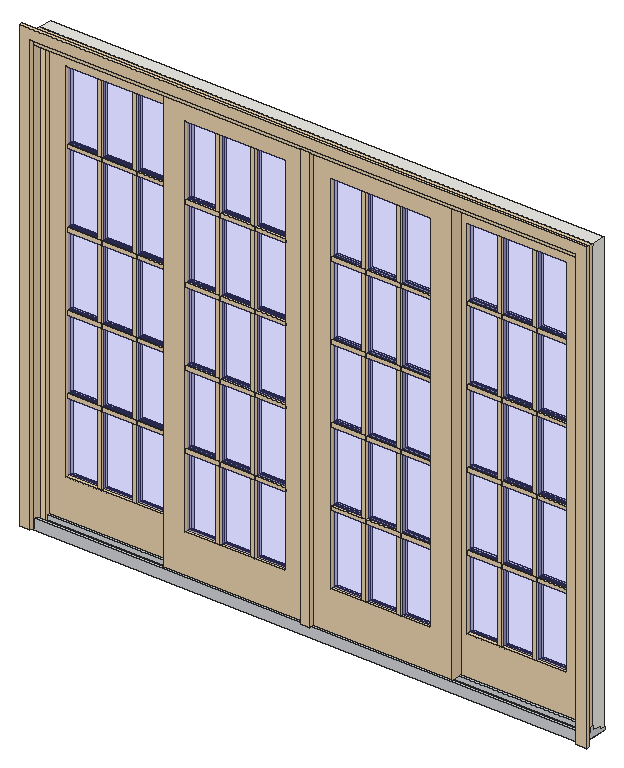
Revit family "Door-Gliding-Andersen-A_Series-Quad 4", category Doors, host Wall, Revit 2013
Parameters
  Type Comments = "Fiberglass-Clad and Flexacron Finished Wood Gliding Patio Door"  # constant formula
  Rough Width = Width + (Rough Opening Offset * 2)  # 10' - 1"
  Rough Opening Offset = 0' - 0 1/2"
  Rough Height = if(1 > 0, Height + 0' 0 1/2", 0' 0")  # 8' - 0 1/2"
  Masonry Width = if(Enter Exterior Trim Number > 0, Width + ((casing4 + Masonry Opening Offset) * 2), Width + (Masonry Opening Offset * 2))  # 10' - 1"
  Masonry Opening Offset = 0' - 0 1/2"
  Masonry Height = if(Enter Exterior Trim Number > 0, Height + (casing4 + 0' 0 1/2"), Height + 0' 0 1/2")  # 8' - 0 1/2"
  Learn About These Parameters = "http://www.andersenwindows.com/for-professionals/cad-symbols-bim-support-window-doors/bim-support"
  Interior Grille Bar Visibility = yes
  Grille Bar Sizes = "3/4'', 7/8'', 1 1/8'', 2 1/4''"  # constant formula
  Exterior Grille Bar Visibility = yes
  Between Glass Grille Bar Sizes = "3/4'', 1''"  # constant formula
  Interior Trim Visibility = yes
  Grille Bar Size = 0' - 0 7/8"
  Enter Pattern Number = 1
  Analytic Construction = "<None>"
  ..Pattern Number 1 = "Colonial"  # constant formula
  . . Lights Wide = 3
  . . Lights High = 5
  ..Pattern Number 2 = "Modified Colonial"  # constant formula
  ..Pattern Number 3 = "Prairie"  # constant formula
  ..Pattern Number 4 = "Short Fractional"  # constant formula
  ..Pattern Number 5 = "Tall Fractional"  # constant formula
  Extension Jamb Visibility = yes
  Enter Exterior Trim Number = 0
  ..Exterior Trim Number 0 = "No Exterior Trim"  # constant formula
  ..Exterior Trim  Number 1 = "Brick Mould"  # constant formula
  ..Exterior Trim Number 2 = "3 1/2'' Flat Casing"  # constant formula
  ..Exterior Trim  Number 3 = "4 1/2'' Flat Casing"  # constant formula
  Between Glass Grille Bar Visibility = yes
  xjamb Visibility [instance] = and(Extension Jamb Visibility, Wall Depth > 0' 4 9/16")  # no
  xjamb S1 [instance] = if(Wall Depth < 0' 4 5/8", 0' 0 1/16", 0' 0")  # 0' - 0 1/16"
  casingS2 = if(Enter Exterior Trim Number = 1, 0' 0 3/16", 0' 0 3/16")  # 0' - 0 3/16"
  casingS1 = if(Enter Exterior Trim Number = 1, 0' 0 7/16", 0' 0 3/16")  # 0' - 0 3/16"
  casing4 = if(Enter Exterior Trim Number = 1, 0' 1 3/4", if(Enter Exterior Trim Number = 2, 0' 3 1/4", 0' 4 1/4"))  # 0' - 4 1/4"
  casing3 = 0' - 0 1/2"  # constant formula
  casing2 = 0' - 0 7/8"  # constant formula
  casing1 = 0' - 0 1/4"  # constant formula
  Wall Thickness [instance] = 0' - 8"
  Wall Depth [instance] = 0' - 4 9/16"
  Void Offset 1 [instance] = if(Enter Exterior Trim Number > 0, casing4, 0' 0")  # 0' - 0"
  Void Depth [instance] = if(Wall Thickness > Wall Depth, 0' 1" + Wall Thickness - Wall Depth, 0' 1")  # 0' - 4 7/16"
  VGB DLO = if(Enter Pattern Number = 3, 0' 4", (H DLO - (Grille Bar Size * (V Bars))) / if(LWide > 2, LWide, 3))  # 0' - 6.70833"
  V Bars = if(Enter Pattern Number = 3, 2, if(LWide > 2, LWide - 1, 2))  # 2
  URL = "www.andersenwindows.com"
  TS V DLO = Height - HGO - SGO  # 6' - 7 7/8"
  TS V Bar Length = if(or(Enter Pattern Number = 5, Enter Pattern Number = 2), ((((Height - HGO - SGO - (Grille Bar Size * (Fractional Lights High - 1))) / Fractional Lights High)) * TFL) + (TFB * Grille Bar Size), if(Enter Pattern Number = 4, ((Height - HGO - SGO - (Grille Bar Size * (Fractional Lights High - 1))) / Fractional Lights High), Height - HGO - SGO))  # 6' - 7 7/8"
  TS SH DLO = if(or(Enter Pattern Number = 5, Enter Pattern Number = 2), ((((Height - HGO - SGO - (Grille Bar Size * (Fractional Lights High - 1))) / Fractional Lights High)) * TFL) + (TFB * Grille Bar Size) + HGO + (Grille Bar Size / 2), if(Enter Pattern Number = 4, TS V Bar Length + HGO + (Grille Bar Size / 2), (TS V DLO / 2) + HGO))  # 3' - 9 1/2"
  TS S V = or(and(LWide = 2, Enter Pattern Number = 1), and(Fractional Lights Wide = 2, or(or(Enter Pattern Number = 2, Enter Pattern Number = 4), Enter Pattern Number = 5)))  # no
  TS S H Craftsman = and(Enter Pattern Number = 2, or(Fractional Lights High = 4, Fractional Lights High = 5))  # no
  TS S H = or(or(or(and(. . Lights High = 2, Enter Pattern Number = 1), and(Enter Pattern Number = 4, Fractional Lights High > 1)), and(Enter Pattern Number = 5, Fractional Lights High > 1)), and(Enter Pattern Number = 2, Fractional Lights High > 1))  # no
  TS M V = and(Enter Pattern Number > 0, LWide > 2)  # yes
  TS M H = or(or(Enter Pattern Number = 3, and(. . Lights High > 2, Enter Pattern Number = 1)), and(Enter Pattern Number = 2, Fractional Lights High > 5))  # yes
  TS HGB DLO = if(Enter Pattern Number = 1, if(. . Lights High > 2, ((TS V Bar Length - (Grille Bar Size * (. . Lights High - 1))) / . . Lights High), 0' 4"), if(Enter Pattern Number = 3, 0' 4", if(Fractional Lights High > 2, ((TS V Bar Length - (Grille Bar Size * 2)) / 3), 0' 4")))  # 1' - 3.275"
  TS H Bars = if(Enter Pattern Number = 3, 2, if(Enter Pattern Number = 1, if(. . Lights High > 2, . . Lights High - 1, 2), 2))  # 4
  TFL = if(Fractional Lights High > 5, 3, if(or(Fractional Lights High = 4, Fractional Lights High = 5), 2, if(or(Fractional Lights High = 2, Fractional Lights High = 3), 1, 1)))  # 2
  TFB = TFL - 1  # 1
  Sill Interior Offset [instance] = 0' - 0"  # constant formula
  Sill Height [instance] = 0' - 2 3/16"  # constant formula
  Panel Bottom Inset [instance] = 0' - 2 5/32"  # constant formula
  Sill Depth [instance] = 0' - 5 1/2"  # constant formula
  SGO = 0' - 10 9/16"  # constant formula
  Product Documentation Link = "http://www.andersenwindows.com/products/a-series-gliding-patio-door/"
  Panel Width = ((Width / 4) - 0' 1 3/4") + 0' 3 1/2"  # 2' - 7 3/4"
  Panel Height [instance] = (CTRL Height - 0' 0 1/2" - Panel Bottom Inset) - 0' 0 15/32"  # 7' - 8 7/8"
  Nail Fin Visibility = Enter Exterior Trim Number = 0  # yes
  Model = "A-Series Gliding"  # constant formula
  Manufacturer = "Andersen Corporation"  # constant formula
  LWide = if(Enter Pattern Number = 3, 3, if(Enter Pattern Number = 1, . . Lights Wide, Fractional Lights Wide))  # 3
  JGO = 0' - 5 5/8"  # constant formula
  Is Gliding = 1 = 1  # yes
  Interior Trim Size = 0' - 2 1/4"
  Interior Material = Wood - Andersen - Pine
  Horizontal Craftsman Bar Size = 0' - 0 3/4"
  HGO = 0' - 5 9/16"  # constant formula
  H DLO = (Width - 2' 8 1/2") / 4  # 1' - 9 7/8"
  Glazing Material = Glass ‐ Andersen - Low-E4 SmartSun
  Function = Exterior
  Height = 8' - 0"
  Wall Closure = By host
  Width = 10' - 0"
  Frame Interior Inset [instance] = 0' - 0"  # constant formula
  Frame Depth [instance] = 0' - 5 7/8"  # constant formula
  Fractional Lights Wide = 3
  Fractional Lights High = 5
  Family Version = "01.01.15"  # constant formula
  Exterior Unit Finish = Fiberglass - Andersen - White
  Exterior Trim Finish = Fibrex Composite - Andersen - White
  Designation = "FWGD"
  Description = "Fiberglass-Clad and Flexacron Finished Wood Gliding Patio Door"  # constant formula
  Coarse Plan [instance] = if(Wall Depth > Wall Thickness, Wall Thickness, Wall Depth)  # 0' - 4 9/16"
  Casing Visibility [instance] = Enter Exterior Trim Number > 0  # no
  CTRL Height [instance] = Height  # 8' - 0"
  Between Glass Grille Bar Finish = Stainless Steel - Andersen - Standard
  BS V DLO = Height - HGO - SGO  # 6' - 7 7/8"
  BS SH DLO = if(Enter Pattern Number = 5, SGO + 0' 4" + (Grille Bar Size / 2), (BS V DLO / 2) + SGO)  # 4' - 2 1/2"
  BS S V = and(LWide = 2, Enter Pattern Number = 1)  # no
  BS S H = no
  BS M V = or(or(and(LWide > 2, Enter Pattern Number = 1), Enter Pattern Number = 3), Enter Pattern Number = 5)  # yes
  BS M H = no
  BS HGB DLO = 0' - 2"
  BS H Bars = 2
Reference planes (in)
  plane 1 "Center (Front/Back)": y = 0
  plane 2 "Center (Left/Right)": x = 0
  plane 3 "R Frame": x = -60
  plane 4 "L Frame": x = 60
  plane 5 "T Frame": z = 96
  plane 6 "Wall S1": y = 3.71875
  plane 7 "Wall S2": y = -4.28125
  plane 8 "Interior Casing": y = -4.90625
  plane 9 "Frame S2": y = -4.28175
  plane 10 "Flange": y = 0.28125
  plane 11 "Frame S1": y = 1.59325
  plane 12 "Casing S2": y = 1.78075
  plane 13 "Casing S1": y = 1.78075
  plane 14 "Exterior Offset": y = 4.71875
  plane 15 "R Rough Opening": x = -60.5
  plane 16 "R Casing 1": x = -59.75
  plane 17 "R Casing 2": x = -63.375
  plane 18 "R Casing 3": x = -63.75
  plane 19 "R Casing 4": x = -64.25
  plane 20 "R Masonry Opening": x = -60.5
  plane 21 "L Masonry Opening": x = 60.5
  plane 22 "L Casing 4": x = 64.25
  plane 23 "L Casing 3": x = 63.75
  plane 24 "L Casing 2": x = 63.375
  plane 25 "L Casing 1": x = 59.75
  plane 26 "L Rough Opening": x = 60.5
  plane 27 "T Rough Opening": z = 96.5
  plane 28 "T Casing 1": z = 95.75
  plane 29 "T Casing 2": z = 99.375
  plane 30 "T Casing 3": z = 99.75
  plane 31 "T Casing 4": z = 100.25
  plane 32 "T Masonry Opening": z = 96.5
  plane 33 "R Int Casing": x = -61.5
  plane 34 "R Xjamb 2": x = -59.875
  plane 35 "R Xjamb 1": x = -59.25
  plane 36 "L Int Casing": x = 61.5
  plane 37 "L Xjamb 2": x = 59.875
  plane 38 "L Xjamb 1": x = 59.25
  plane 39 "T Int Casing": z = 97.5
  plane 40 "T Xjamb 2": z = 95.875
  plane 41 "T Xjamb 1": z = 95.25
  plane 42 "L Panel1": x = 58.8125
  plane 43 "R Panel1": x = -58.8125
  plane 44 "T Panel": z = 94.82831
  plane 45 "B Panel": z = 1.96875
  plane 46 "B Glazing": z = 10.5625
  plane 47 "T Glazing": z = 90.4375
  plane 48 "L Glazing1": x = 54.375
  plane 49 "R Glazing1": x = -54.375
  plane 50 "Panel2 S1": y = -1.88675
  plane 51 "Panel2 S2": y = -3.60675
  plane 52 "Xjamb S1": y = -4.21925
  plane 53 "Stop Exterior": y = -1.7394
  plane 54 "Stop Interior": y = -2.12544
  plane 55 "L Int Stop": x = 58.031
  plane 56 "R Int Stop": x = -58.031
  plane 57 "T Stop": z = 94.256
  plane 58 "Sill Height": z = 2.1875
  plane 59 "Panel1 S1": y = 0.44725
  plane 60 "Panel1 S2": y = -1.27275
  plane 61 "R Glazing3": x = -26.75
  plane 62 "L Glazing3": x = 26.75
  plane 63 "R Glazing2": x = -32.5
  plane 64 "L Glazing2": x = 32.5
  plane 65 "Panel2 Glazing 4": y = -3.06684
  plane 66 "Panel2 Glazing 1": y = -2.30075
  plane 67 "Panel1 Glazing 4": y = -0.73284
  plane 68 "Panel 1 Glazing 1": y = 0.03325
  plane 69 "Panel Elevation Center": z = 48.39853
  plane 70 "Vertical Bar Length": z = 10.5625
  plane 71 "L Slide Arrow": x = 12.875
  plane 72 "R Glazing4": x = -4.875
  plane 73 "L Glazing4": x = 4.875
  plane 74 "R Slide Arrow": x = -12.875
  plane 75 "Panel1 Glazing2": y = -0.09175
  plane 76 "Panel2 Glazing 2": y = -2.42575
  plane 77 "Panel2 Glazing3": y = -2.94184
  plane 78 "Panel1 Glazing3": y = -0.60784
  plane 79 "L Int Frame": x = 58.984
  plane 80 "L Ext Stop": x = 58.428
  plane 81 "Frame S1.1": y = -13.46275
  plane 82 "R Int Frame": x = -58.984
  plane 83 "R Ext Stop": x = -58.428
  plane 84 "R Panel2": x = -31.188
  plane 85 "R Panel3": x = -28.062
  plane 86 "L Panel3": x = 28.062
  plane 87 "L Panel2": x = 31.188
  plane 88: x = -30.938
  plane 89: x = -28.312
  plane 90: x = 28.312
  plane 91: x = 30.938
  plane 92: x = -0.4375
  plane 93: x = 0.4375
  plane 94: x = -1
  plane 95: x = 1
Forms (in)
  Extrusion 1, void
    sketch origin (0, 0, 0) x (1, 0, 0) y (0, 0, 1)
      loop
        line (60, 96) -> (-60, 96) -> (-60, 0) -> (60, 0) -> (60, 96)
    from -0.28125 to 4.28125
  Extrusion 2, void
    sketch origin (0, 0, 0) x (1, 0, 0) y (0, 0, 1)
      loop
        line (60, 96) -> (-60, 96) -> (-60, 0) -> (60, 0) -> (60, 96)
    from -15.71875 to -0.28125
  Sweep 3, solid, material "Fibrex Composite - Andersen - White" <- "Exterior Trim Finish", visible <- "Casing Visibility", detail levels medium+fine
    path origin (0, 0.28125, 0) x (-1, 0, 0) y (0, 0, 1)
      loop
        line (-64.25, 0) -> (-64.25, 100.25) -> (64.25, 100.25) -> (64.25, 0)
    profile origin (64.25, 0.28125, 50.125) x (1, 0, 0) y (0, 1, 0)
      loop
        line (-0.875, 1.4995) -> (-4.5, 1.4995) -> (-4.5, 0) -> (0, 0) -> (0, 1.4995) -> (-0.5, 1.4995) -> (-0.875, 1.4995)
  Extrusion 4, solid, material "Fibrex Composite - Andersen - White" <- "Exterior Trim Finish", visible <- "Casing Visibility", detail levels coarse
    sketch origin (0, 0.28125, 0) x (-1, 0, 0) y (0, 0, 1)
      loop
        line (-59.75, 95.75) -> (59.75, 95.75) -> (59.75, 0) -> (64.25, 0) -> (64.25, 100.25) -> (-64.25, 100.25) -> (-64.25, 0) -> (-59.75, 0) -> (-59.75, 95.75)
    from 0 to 1.4995
  Extrusion 5, solid, material "Wood - Andersen - Pine" <- "Interior Material", visible <- "Interior Trim Visibility", detail levels fine
    sketch origin (0, 0, 0) x (1, 0, 0) y (0, 0, 1)
      loop
        line (-59.25, 95.25) -> (59.25, 95.25) -> (59.25, 0) -> (61.5, 0) -> (61.5, 97.5) -> (-61.5, 97.5) -> (-61.5, 0) -> (-59.25, 0) -> (-59.25, 95.25)
    from 4.28125 to 4.90625
  Extrusion 6, solid, material "Wood - Andersen - Pine" <- "Interior Material", visible <- "xjamb Visibility", detail levels medium+fine
    sketch origin (0, 0, 0) x (1, 0, 0) y (0, 0, 1)
      loop
        line (-59.875, 0) -> (-59.25, 0) -> (-59.25, 95.25) -> (59.25, 95.25) -> (59.25, 0) -> (59.875, 0) -> (59.875, 95.875) -> (-59.875, 95.875) -> (-59.875, 0)
    from 4.21925 to 4.28125
  Sweep 7, solid, detail levels medium+fine
    path origin (0, 0.28125, 0) x (-1, 0, 0) y (0, 0, 1)
      loop
        line (-60, 0) -> (60, 0)
    profile origin (0, 0.28125, 0) x (0, 0, 1) y (0, 1, 0)
      loop
        line (0, -4.563) -> (2.1875, -4.563) -> (2.1875, -3.888) -> (1.42794, -3.888) -> (1.18788, -2.168) -> (2.1875, -2.168) -> (2.1875, -1.554) -> (1.46945, -1.554) -> (1.29292, 0.166) -> (0.82461, 0.166) -> (0.74863, 1.6245) -> (0, 1.6245) -> (0, -4.563)
  Extrusion 8, solid, material "Wood - Andersen - Pine" <- "Interior Material", detail levels medium+fine
    sketch origin (0, 0, 0) x (1, 0, 0) y (0, 1, 0)
      loop
        line (58.984, -4.28175) -> (60, -4.28175) -> (60, -1.27275) -> (58.031, -1.27275) -> (58.031, -2.1896) -> (58.655, -2.70725) -> (58.984, -2.70725) -> (58.984, -4.28175)
      loop
        line (-60, -4.28175) -> (-58.984, -4.28175) -> (-58.984, -2.70725) -> (-58.655, -2.70725) -> (-58.031, -2.1896) -> (-58.031, -1.27275) -> (-60, -1.27275) -> (-60, -4.28175)
    from 0 to 96
  Extrusion 9, solid, material "Wood - Andersen - Pine" <- "Interior Material"
    sketch origin (0, 0.28125, 0) x (-1, 0, 0) y (0, 0, 1)
      loop
        line (-58.8125, 94.82831) -> (-58.8125, 1.96875) -> (-28.312, 1.96875) -> (-28.312, 94.82831) -> (-58.8125, 94.82831)
      loop
        line (-54.375, 90.4375) -> (-54.375, 10.5625) -> (-32.5, 10.5625) -> (-32.5, 90.4375) -> (-54.375, 90.4375)
      loop
        line (28.312, 94.82831) -> (28.312, 1.96875) -> (58.8125, 1.96875) -> (58.8125, 94.82831) -> (28.312, 94.82831)
      loop
        line (32.5, 90.4375) -> (32.5, 10.5625) -> (54.375, 10.5625) -> (54.375, 90.4375) -> (32.5, 90.4375)
    from -1.554 to -0.248
  Extrusion 10, solid, material "Fiberglass - Andersen - White" <- "Exterior Unit Finish"
    sketch origin (0, 0.28125, 0) x (-1, 0, 0) y (0, 0, 1)
      loop
        line (-58.8125, 94.82831) -> (-58.8125, 1.96875) -> (-28.062, 1.96875) -> (-28.062, 94.82831) -> (-58.8125, 94.82831)
      loop
        line (-54.375, 90.4375) -> (-54.375, 10.5625) -> (-32.5, 10.5625) -> (-32.5, 90.4375) -> (-54.375, 90.4375)
      loop
        line (28.062, 94.82831) -> (28.062, 1.96875) -> (58.8125, 1.96875) -> (58.8125, 94.82831) -> (28.062, 94.82831)
      loop
        line (32.5, 90.4375) -> (32.5, 10.5625) -> (54.375, 10.5625) -> (54.375, 90.4375) -> (32.5, 90.4375)
    from -0.248 to 0.166
  Extrusion 11, solid, material "Wood - Andersen - Pine" <- "Interior Material"
    sketch origin (0, 0.28125, 0) x (-1, 0, 0) y (0, 0, 1)
      loop
        line (-31.188, 94.82831) -> (-31.188, 1.96875) -> (-0.4375, 1.96875) -> (-0.4375, 94.82831) -> (-31.188, 94.82831)
      loop
        line (0.4375, 94.82831) -> (0.4375, 1.96875) -> (31.188, 1.96875) -> (31.188, 94.82831) -> (0.4375, 94.82831)
      loop
        line (-26.75, 90.4375) -> (-26.75, 10.5625) -> (-4.875, 10.5625) -> (-4.875, 90.4375) -> (-26.75, 90.4375)
      loop
        line (4.875, 90.4375) -> (4.875, 10.5625) -> (26.75, 10.5625) -> (26.75, 90.4375) -> (4.875, 90.4375)
    from -3.888 to -2.582
  Extrusion 12, solid, material "Fiberglass - Andersen - White" <- "Exterior Unit Finish"
    sketch origin (0, 0.28125, 0) x (-1, 0, 0) y (0, 0, 1)
      loop
        line (-30.938, 94.82831) -> (-30.938, 1.96875) -> (-0.4375, 1.96875) -> (-0.4375, 94.82831) -> (-30.938, 94.82831)
      loop
        line (-26.75, 90.4375) -> (-26.75, 10.5625) -> (-4.875, 10.5625) -> (-4.875, 90.4375) -> (-26.75, 90.4375)
      loop
        line (0.4375, 94.82831) -> (0.4375, 1.96875) -> (30.938, 1.96875) -> (30.938, 94.82831) -> (0.4375, 94.82831)
      loop
        line (4.875, 90.4375) -> (4.875, 10.5625) -> (26.75, 10.5625) -> (26.75, 90.4375) -> (4.875, 90.4375)
    from -2.582 to -2.168
  Extrusion 13, solid, material "Glass ‐ Andersen - Low-E4 SmartSun" <- "Glazing Material"
    sketch origin (0, 0.28125, 0) x (-1, 0, 0) y (0, 0, 1)
      loop
        line (-26.75, 90.4375) -> (-26.75, 10.5625) -> (-4.875, 10.5625) -> (-4.875, 90.4375) -> (-26.75, 90.4375)
      loop
        line (4.875, 90.4375) -> (4.875, 10.5625) -> (26.75, 10.5625) -> (26.75, 90.4375) -> (4.875, 90.4375)
    from -3.34809 to -2.582
  Extrusion 14, solid, material "Glass ‐ Andersen - Low-E4 SmartSun" <- "Glazing Material"
    sketch origin (0, 0.28125, 0) x (-1, 0, 0) y (0, 0, 1)
      loop
        line (-54.375, 90.4375) -> (-54.375, 10.5625) -> (-32.5, 10.5625) -> (-32.5, 90.4375) -> (-54.375, 90.4375)
      loop
        line (32.5, 90.4375) -> (32.5, 10.5625) -> (54.375, 10.5625) -> (54.375, 90.4375) -> (32.5, 90.4375)
    from -1.01409 to -0.248
  Extrusion 15, solid, material "Wood - Andersen - Pine" <- "Interior Material"
    sketch origin (0, 0.28125, 0) x (-1, 0, 0) y (0, 0, 1)
      loop
        line (-31.188, 94.82831) -> (-31.188, 1.96875) -> (-30.938, 1.96875) -> (-30.938, 94.82831) -> (-31.188, 94.82831)
      loop
        line (30.938, 94.82831) -> (30.938, 1.96875) -> (31.188, 1.96875) -> (31.188, 94.82831) -> (30.938, 94.82831)
    from -3.888 to -1.554
  Extrusion 16, solid, material "Fiberglass - Andersen - White" <- "Exterior Unit Finish"
    sketch origin (0, 0.28125, 0) x (-1, 0, 0) y (0, 0, 1)
      loop
        line (-28.312, 94.82831) -> (-28.312, 1.96875) -> (-28.062, 1.96875) -> (-28.062, 94.82831) -> (-28.312, 94.82831)
      loop
        line (28.062, 94.82831) -> (28.062, 1.96875) -> (28.312, 1.96875) -> (28.312, 94.82831) -> (28.062, 94.82831)
    from -2.168 to 0.166
  Extrusion 17, solid, material "Fiberglass - Andersen - White" <- "Exterior Unit Finish"
    sketch origin (0, 0.28125, 0) x (-1, 0, 0) y (0, 0, 1)
      loop
        line (-1, 94.256) -> (-1, 1.96875) -> (1, 1.96875) -> (1, 94.256) -> (-1, 94.256)
    from -2.168 to -0.248
  Extrusion 18, solid, material "Wood - Andersen - Pine" <- "Interior Material"
    sketch origin (0, 0.28125, 0) x (-1, 0, 0) y (0, 0, 1)
      loop
        line (-1, 94.256) -> (-1, 1.96875) -> (1, 1.96875) -> (1, 94.256) -> (-1, 94.256)
    from -4.563 to -3.888
  Extrusion 19, solid, detail levels medium+fine
    sketch origin (0, 0, 0) x (0, 1, 0) y (0, 0, 1)
      loop
        line (0.44725, 1.96875) -> (-1.27275, 1.96875) -> (-1.27275, 1.46945) -> (0.44725, 1.29292) -> (0.44725, 1.96875)
    from 28.062 to 58.8125
  Extrusion 20, solid, detail levels medium+fine
    sketch origin (0, 0, 0) x (0, 1, 0) y (0, 0, 1)
      loop
        line (0.44725, 1.96875) -> (-1.27275, 1.96875) -> (-1.27275, 1.46945) -> (0.44725, 1.29292) -> (0.44725, 1.96875)
    from -58.8125 to -28.062
  Extrusion 21, solid, material "Wood - Andersen - Pine" <- "Interior Material", detail levels medium+fine
    sketch origin (0, 0, 0) x (0, 1, 0) y (0, 0, 1)
      loop
        line (-1.39775, 96) -> (-4.28175, 96) -> (-4.28175, 94.256) -> (-3.60675, 94.256) -> (-3.60675, 94.82831) -> (-1.88675, 94.82831) -> (-1.88675, 94.381) -> (-1.39775, 94.381) -> (-1.39775, 96)
    from -60 to 60
  Sweep 22, solid, material "Fiberglass - Andersen - White" <- "Exterior Unit Finish", detail levels medium+fine
    path origin (0, 0.28125, 0) x (-1, 0, 0) y (0, 0, 1)
      loop
        line (-60, 0) -> (-60, 96) -> (60, 96) -> (60, 0)
    profile origin (60, 0.28125, 48) x (1, 0, 0) y (0, 1, 0)
      loop
        line (0, 1.312) -> (-0.75, 1.312) -> (-0.75, 0.25975) -> (-1.572, 0.25975) -> (-1.572, 0.166) -> (-1.1875, 0.166) -> (-1.1875, -1.554) -> (0, -1.554) -> (0, 1.312)
  Extrusion 23, solid, material "Fiberglass - Andersen - White" <- "Exterior Unit Finish", detail levels medium+fine
    sketch origin (0, 0, 0) x (0, 1, 0) y (0, 0, 1)
      loop
        line (-1.27275, 94.82831) -> (-1.88675, 94.82831) -> (-1.88675, 94.256) -> (-1.27275, 94.256) -> (-1.27275, 94.82831)
    from -28.062 to 28.062
  Extrusion 24, solid, detail levels coarse
    sketch origin (0, 0.28125, 0) x (-1, 0, 0) y (0, 0, 1)
      loop
        line (-60, 1.96875) -> (-60, 0) -> (60, 0) -> (60, 1.96875) -> (-60, 1.96875)
    from -4.563 to 1.312
  Extrusion 25, solid, material "Wood - Andersen - Pine" <- "Interior Material", detail levels coarse
    sketch origin (0, 0.28125, 0) x (-1, 0, 0) y (0, 0, 1)
      loop
        line (-60, 0) -> (-58.8125, 0) -> (-58.8125, 94.82831) -> (58.8125, 94.82831) -> (58.8125, 0) -> (60, 0) -> (60, 96) -> (-60, 96) -> (-60, 0)
    from -4.563 to -1.554
  Extrusion 26, solid, material "Fiberglass - Andersen - White" <- "Exterior Unit Finish", detail levels coarse
    sketch origin (0, 0.28125, 0) x (-1, 0, 0) y (0, 0, 1)
      loop
        line (60, 0) -> (60, 96) -> (-60, 96) -> (-60, 0) -> (-58.8125, 0) -> (-58.8125, 94.82831) -> (58.8125, 94.82831) -> (58.8125, 0) -> (60, 0)
    from -1.554 to 1.312
Cuts and joins
  joined: Extrusion 10, Extrusion 16
  joined: Extrusion 8, Extrusion 21
  joined: Sweep 22, Extrusion 23
  joined: Extrusion 11, Extrusion 15
Lines and regions (in)
  Masking region 1, visible <- "Casing Visibility"
    outline origin (0, 0, 0) x (0, 1, 0) y (0, 0, 1)
      loop
        line (0.28125, 96) -> (1.59325, 96) -> (1.59325, 0) -> (1.78075, 0) -> (1.78075, 100.25) -> (0.28125, 100.25) -> (0.28125, 96)
  Masking region 2
    outline origin (0, 0, 0) x (1, 0, 0) y (0, 1, 0)
      loop
        line (-60, 1.59325) -> (-60, -4.28175) -> (60, -4.28175) -> (60, 1.59325) -> (-60, 1.59325)
  Masking region 3
    outline origin (0, 0, 0) x (0, 1, 0) y (0, 0, 1)
      loop
        line (1.59325, 96) -> (-4.28175, 96) -> (-4.28175, 0) -> (1.90575, 0) -> (1.90575, 0.74863) -> (1.59325, 0.76491) -> (1.59325, 96)
  Masking region 4, visible <- "Casing Visibility", detail levels fine
    outline origin (0, 0, 0) x (1, 0, 0) y (0, 1, 0)
      loop
        line (-63.75, 1.78075) -> (-64.25, 1.78075) -> (-64.25, 0.28125) -> (-60, 0.28125) -> (-60, 1.59325) -> (-59.75, 1.59325) -> (-59.75, 1.78075) -> (-63.375, 1.78075) -> (-63.75, 1.78075)
  Masking region 5, visible <- "Casing Visibility", detail levels fine
    outline origin (0, 0, 0) x (1, 0, 0) y (0, 1, 0)
      loop
        line (63.75, 1.78075) -> (63.375, 1.78075) -> (59.75, 1.78075) -> (59.75, 1.59325) -> (60, 1.59325) -> (60, 0.28125) -> (64.25, 0.28125) -> (64.25, 1.78075) -> (63.75, 1.78075)
  Masking region 6, visible <- "Casing Visibility", detail levels coarse+medium
    outline origin (0, 0, 0) x (1, 0, 0) y (0, 1, 0)
      loop
        line (-64.25, 1.78075) -> (-64.25, 0.28125) -> (-60, 0.28125) -> (-60, 1.78075) -> (-64.25, 1.78075)
  Masking region 7, visible <- "Casing Visibility", detail levels coarse+medium
    outline origin (0, 0, 0) x (1, 0, 0) y (0, 1, 0)
      loop
        line (60, 1.78075) -> (60, 0.28125) -> (64.25, 0.28125) -> (64.25, 1.78075) -> (60, 1.78075)
  Masking region 8, visible <- "Casing Visibility"
    outline origin (0, 1.78075, 0) x (-1, 0, 0) y (0, 0, 1)
      loop
        line (-64.25, 100.25) -> (-64.25, 0) -> (-60, 0) -> (-60, 96) -> (60, 96) -> (60, 0) -> (64.25, 0) -> (64.25, 100.25) -> (-64.25, 100.25)
  Masking region 9, visible <- "Interior Trim Visibility", detail levels fine
    outline origin (0, -4.90625, 0) x (-1, 0, 0) y (0, 0, 1)
      loop
        line (-61.5, 97.5) -> (-61.5, 0) -> (-59.25, 0) -> (-59.25, 95.25) -> (59.25, 95.25) -> (59.25, 0) -> (61.5, 0) -> (61.5, 97.5) -> (-61.5, 97.5)
  Masking region 10
    outline origin (0, -4.28175, 0) x (-1, 0, 0) y (0, 0, 1)
      loop
        line (60, 96) -> (-60, 96) -> (-60, 0) -> (60, 0) -> (60, 96)
      loop
        line (58.031, 94.256) -> (-58.031, 94.256) -> (-58.031, 1.96875) -> (58.031, 1.96875) -> (58.031, 94.256)
  Masking region 11
    outline origin (0, -1.88675, 0) x (-1, 0, 0) y (0, 0, 1)
      loop
        line (31.188, 94.82831) -> (-31.188, 94.82831) -> (-31.188, 1.96875) -> (31.188, 1.96875) -> (31.188, 94.82831)
  Masking region 12, visible <- "Interior Trim Visibility", detail levels fine
    outline origin (0, 0, 0) x (1, 0, 0) y (0, 1, 0)
      loop
        line (-61.5, -4.28125) -> (-61.5, -4.90625) -> (-59.25, -4.90625) -> (-59.25, -4.28125) -> (-61.5, -4.28125)
  Masking region 13, visible <- "xjamb Visibility", detail levels medium+fine
    outline origin (0, 0, 0) x (1, 0, 0) y (0, 1, 0)
      loop
        line (-59.875, -4.21925) -> (-59.875, -4.28125) -> (-59.25, -4.28125) -> (-59.25, -4.21925) -> (-59.875, -4.21925)
  Masking region 14, visible <- "Interior Trim Visibility", detail levels fine
    outline origin (0, 0, 0) x (1, 0, 0) y (0, 1, 0)
      loop
        line (59.25, -4.28125) -> (59.25, -4.90625) -> (61.5, -4.90625) -> (61.5, -4.28125) -> (59.25, -4.28125)
  Masking region 15, visible <- "xjamb Visibility", detail levels medium+fine
    outline origin (0, 0, 0) x (1, 0, 0) y (0, 1, 0)
      loop
        line (59.25, -4.21925) -> (59.25, -4.28125) -> (59.875, -4.28125) -> (59.875, -4.21925) -> (59.25, -4.21925)
  Masking region 16, visible <- "Interior Trim Visibility", detail levels fine
    outline origin (0, 0, 0) x (0, 1, 0) y (0, 0, 1)
      loop
        line (-4.28125, 97.5) -> (-4.90625, 97.5) -> (-4.90625, 0) -> (-4.28125, 0) -> (-4.28125, 97.5)
  Masking region 17, visible <- "xjamb Visibility", detail levels medium+fine
    outline origin (0, 0, 0) x (0, 1, 0) y (0, 0, 1)
      loop
        line (-4.21925, 95.875) -> (-4.28125, 95.875) -> (-4.28125, 0) -> (-4.21925, 0) -> (-4.21925, 95.875)
  Masking region 18
    outline origin (0, 0.44725, 0) x (-1, 0, 0) y (0, 0, 1)
      loop
        line (-58.8125, 94.82831) -> (-58.8125, 1.96875) -> (-28.062, 1.96875) -> (-28.062, 94.82831) -> (-58.8125, 94.82831)
      loop
        line (28.062, 94.82831) -> (28.062, 1.96875) -> (58.8125, 1.96875) -> (58.8125, 94.82831) -> (28.062, 94.82831)
  Masking region 19
    outline origin (0, 0.28125, 0) x (-1, 0, 0) y (0, 0, 1)
      loop
        line (-1, 94.256) -> (-1, 1.96875) -> (1, 1.96875) -> (1, 94.256) -> (-1, 94.256)
  Masking region 20
    outline origin (0, 1.59325, 0) x (-1, 0, 0) y (0, 0, 1)
      loop
        line (-60, 96) -> (-60, 0) -> (-58.031, 0) -> (-58.031, 94.256) -> (58.031, 94.256) -> (58.031, 0) -> (60, 0) -> (60, 96) -> (-60, 96)
  symbolic lines, style "DoorsFrameMullionProjection", visible <- "Casing Visibility", detail levels medium+fine
    curve 1: line (0, 1.78075, 99.75) -> (0, 1.78075, 99.375)
    curve 2: line (0, 1.78075, 99.375) -> (0, 1.78075, 95.75)
    curve 3: line (0, 1.78075, 95.75) -> (0, 1.59325, 95.75)
  symbolic lines, style "DoorsFrameMullionProjection", detail levels coarse
    curve 4: line (0, 1.59325, 96) -> (0, 1.78075, 96)
    curve 5: line (58.8125, 1.59325, 2.1562) -> (58.8125, -4.28175, 2.1562)
    curve 7: line (-58.8125, 1.59325, 2.1562) -> (-58.8125, -4.28175, 2.1562)
  symbolic lines, style "DoorsFrameMullionProjection", visible <- "Nail Fin Visibility", detail levels medium+fine
    curve 6: line (0, 0.28125, 97.625) -> (0, 0.28125, 96)
  symbolic lines, style "DoorsGlassProjection", detail levels fine
    curve 8: line (26.75, -2.42575, 1.96875) -> (4.875, -2.42575, 1.96875)
    curve 10: line (54.375, -0.60784, 1.96875) -> (32.5, -0.60784, 1.96875)
    curve 11: line (32.5, -0.09175, 1.96875) -> (54.375, -0.09175, 1.96875)
    curve 13: line (4.875, -2.94184, 1.96875) -> (26.75, -2.94184, 1.96875)
    curve 34: line (0, -0.09175, 10.5625) -> (0, -0.09175, 90.4375)
    curve 35: line (0, -0.60784, 90.4375) -> (0, -0.60784, 10.5625)
    curve 36: line (0, -2.42575, 10.5625) -> (0, -2.42575, 90.4375)
    curve 37: line (0, -2.94184, 90.4375) -> (0, -2.94184, 10.5625)
    curve 44: line (0, -0.09175, 90.5625) -> (0, -0.60784, 90.5625)
    curve 53: line (0, -0.09175, 10.4375) -> (0, -0.60784, 10.4375)
    curve 59: line (0, -2.42575, 90.5625) -> (0, -2.94184, 90.5625)
    curve 65: line (0, -2.42575, 10.4375) -> (0, -2.94184, 10.4375)
    curve 72: line (54.5, -0.60784, 0) -> (54.5, -0.09175, 0)
    curve 84: line (32.375, -0.60784, 0) -> (32.375, -0.09175, 0)
    curve 90: line (26.875, -2.94184, 0) -> (26.875, -2.42575, 0)
    curve 96: line (4.75, -2.94184, 0) -> (4.75, -2.42575, 0)
    curve 99: line (-4.875, -2.94184, 1.96875) -> (-26.75, -2.94184, 1.96875)
    curve 100: line (-26.75, -2.42575, 1.96875) -> (-4.875, -2.42575, 1.96875)
    curve 106: line (-4.75, -2.94184, 0) -> (-4.75, -2.42575, 0)
    curve 112: line (-26.875, -2.94184, 0) -> (-26.875, -2.42575, 0)
    curve 115: line (-32.5, -0.60784, 1.96875) -> (-54.375, -0.60784, 1.96875)
    curve 116: line (-54.375, -0.09175, 1.96875) -> (-32.5, -0.09175, 1.96875)
    curve 122: line (-32.375, -0.60784, 0) -> (-32.375, -0.09175, 0)
    curve 128: line (-54.5, -0.60784, 0) -> (-54.5, -0.09175, 0)
    curve 185: line (54.375, -0.09175, 0) -> (55.26411, -0.09175, 0)
    curve 186: line (54.375, -0.60784, 0) -> (55.26411, -0.60784, 0)
    curve 189: line (32.5, -0.09175, 0) -> (31.61089, -0.09175, 0)
    curve 190: line (32.5, -0.60784, 0) -> (31.61089, -0.60784, 0)
    curve 191: line (26.75, -2.42575, 0) -> (27.63911, -2.42575, 0)
    curve 192: line (26.75, -2.94184, 0) -> (27.63911, -2.94184, 0)
    curve 193: line (4.875, -2.42575, 0) -> (3.98589, -2.42575, 0)
    curve 194: line (4.875, -2.94184, 0) -> (3.98589, -2.94184, 0)
    curve 195: line (-4.875, -2.42575, 0) -> (-3.98589, -2.42575, 0)
    curve 196: line (-4.875, -2.94184, 0) -> (-3.98589, -2.94184, 0)
    curve 197: line (-26.75, -2.42575, 0) -> (-27.63911, -2.42575, 0)
    curve 198: line (-26.75, -2.94184, 0) -> (-27.63911, -2.94184, 0)
    curve 199: line (-32.5, -0.09175, 0) -> (-31.61089, -0.09175, 0)
    curve 200: line (-32.5, -0.60784, 0) -> (-31.61089, -0.60784, 0)
    curve 201: line (-54.375, -0.09175, 0) -> (-55.26411, -0.09175, 0)
    curve 202: line (-54.375, -0.60784, 0) -> (-55.26411, -0.60784, 0)
    curve 278: line (0, -0.09175, 90.4375) -> (0, -0.09175, 91.32661)
    curve 279: line (0, -0.60784, 90.4375) -> (0, -0.60784, 91.32661)
    curve 282: line (0, -0.09175, 10.5625) -> (0, -0.09175, 9.67339)
    curve 283: line (0, -0.60784, 10.5625) -> (0, -0.60784, 9.67339)
    curve 284: line (0, -2.42575, 90.4375) -> (0, -2.42575, 91.32661)
    curve 285: line (0, -2.94184, 90.4375) -> (0, -2.94184, 91.32661)
    curve 286: line (0, -2.42575, 10.5625) -> (0, -2.42575, 9.67339)
    curve 287: line (0, -2.94184, 10.5625) -> (0, -2.94184, 9.67339)
  symbolic lines, style "DoorsGlassProjection", detail levels medium+fine
    curve 9: line (4.875, -2.30075, 1.96875) -> (26.75, -2.30075, 1.96875)
    curve 12: line (26.75, -3.06684, 1.96875) -> (4.875, -3.06684, 1.96875)
    curve 14: line (54.375, -0.73284, 1.96875) -> (32.5, -0.73284, 1.96875)
    curve 15: line (32.5, 0.03325, 1.96875) -> (54.375, 0.03325, 1.96875)
    curve 97: line (-4.875, -3.06684, 1.96875) -> (-26.75, -3.06684, 1.96875)
    curve 98: line (-26.75, -2.30075, 1.96875) -> (-4.875, -2.30075, 1.96875)
    curve 113: line (-32.5, -0.73284, 1.96875) -> (-54.375, -0.73284, 1.96875)
    curve 114: line (-54.375, 0.03325, 1.96875) -> (-32.5, 0.03325, 1.96875)
  symbolic lines, style "DoorsFrameMullionProjection"
    curve 16: line (0, 0.44725, 94.82831) -> (0, -1.27275, 94.82831)
    curve 17: line (0, 0.44725, 1.96875) -> (0, 0.44725, 94.82831)
    curve 18: line (0, -1.27275, 1.96875) -> (0, 0.44725, 1.96875)
    curve 19: line (0, -1.27275, 94.82831) -> (0, -1.27275, 1.96875)
    curve 20: line (0, -1.88675, 94.82831) -> (0, -3.60675, 94.82831)
    curve 21: line (0, -1.88675, 1.96875) -> (0, -1.88675, 94.82831)
    curve 22: line (0, -3.60675, 1.96875) -> (0, -1.88675, 1.96875)
    curve 23: line (0, -3.60675, 94.82831) -> (0, -3.60675, 1.96875)
    curve 28: line (0, 0.03325, 90.4375) -> (0, 0.03325, 91.32661)
    curve 29: line (0, 0.03325, 91.32661) -> (0, -1.27275, 91.32661)
    curve 30: line (0, -0.73284, 90.4375) -> (0, -0.73284, 91.32661)
    curve 43: line (0, -1.27275, 90.70591) -> (0, -0.73284, 90.4375)
    curve 45: line (0, 0.4395, 90.5) -> (0, 0.03325, 90.4375)
    curve 49: line (0, 0.03325, 10.5625) -> (0, 0.03325, 9.67339)
    curve 50: line (0, 0.03325, 9.67339) -> (0, -1.27275, 9.67339)
    curve 51: line (0, -0.73284, 10.5625) -> (0, -0.73284, 9.67339)
    curve 52: line (0, -1.27275, 10.29409) -> (0, -0.73284, 10.5625)
    curve 54: line (0, 0.4395, 10.5) -> (0, 0.03325, 10.5625)
    curve 55: line (0, -2.30075, 90.4375) -> (0, -2.30075, 91.32661)
    curve 56: line (0, -2.30075, 91.32661) -> (0, -3.60675, 91.32661)
    curve 57: line (0, -3.06684, 90.4375) -> (0, -3.06684, 91.32661)
    curve 58: line (0, -3.60675, 90.70591) -> (0, -3.06684, 90.4375)
    curve 60: line (0, -1.8945, 90.5) -> (0, -2.30075, 90.4375)
    curve 61: line (0, -2.30075, 10.5625) -> (0, -2.30075, 9.67339)
    curve 62: line (0, -2.30075, 9.67339) -> (0, -3.60675, 9.67339)
    curve 63: line (0, -3.06684, 10.5625) -> (0, -3.06684, 9.67339)
    curve 64: line (0, -3.60675, 10.29409) -> (0, -3.06684, 10.5625)
    curve 66: line (0, -1.8945, 10.5) -> (0, -2.30075, 10.5625)
    curve 133: line (0, 1.59325, 96) -> (0, -4.28175, 96)
    curve 203: line (58.8125, 0.44725, 0) -> (28.062, 0.44725, 0)
    curve 204: line (28.062, 0.44725, 0) -> (28.062, -1.88675, 0)
    curve 205: line (28.062, -1.27275, 0) -> (58.8125, -1.27275, 0)
    curve 206: line (31.188, -1.88675, 0) -> (0.4375, -1.88675, 0)
    curve 207: line (0.4375, -3.60675, 0) -> (31.188, -3.60675, 0)
    curve 208: line (31.188, -3.60675, 0) -> (31.188, -1.27275, 0)
    curve 209: line (-0.4375, -1.88675, 0) -> (-31.188, -1.88675, 0)
    curve 210: line (-31.188, -1.27275, 0) -> (-31.188, -3.60675, 0)
    curve 211: line (-31.188, -3.60675, 0) -> (-0.4375, -3.60675, 0)
    curve 212: line (-58.8125, 0.44725, 0) -> (-28.062, 0.44725, 0)
    curve 213: line (-28.062, 0.44725, 0) -> (-28.062, -1.88675, 0)
    curve 214: line (-28.062, -1.27275, 0) -> (-58.8125, -1.27275, 0)
    curve 223: line (54.375, 0.28125, 90.4375) -> (32.5, 0.28125, 90.4375)
    curve 224: line (54.375, 0.28125, 10.5625) -> (54.375, 0.28125, 90.4375)
    curve 225: line (32.5, 0.28125, 10.5625) -> (54.375, 0.28125, 10.5625)
    curve 226: line (32.5, 0.28125, 90.4375) -> (32.5, 0.28125, 10.5625)
    curve 227: line (26.75, 0.28125, 90.4375) -> (4.875, 0.28125, 90.4375)
    curve 228: line (26.75, 0.28125, 10.5625) -> (26.75, 0.28125, 90.4375)
    curve 229: line (4.875, 0.28125, 10.5625) -> (26.75, 0.28125, 10.5625)
    curve 230: line (4.875, 0.28125, 90.4375) -> (4.875, 0.28125, 10.5625)
    curve 231: line (-4.875, 0.28125, 90.4375) -> (-26.75, 0.28125, 90.4375)
    curve 232: line (-4.875, 0.28125, 10.5625) -> (-4.875, 0.28125, 90.4375)
    curve 233: line (-26.75, 0.28125, 10.5625) -> (-4.875, 0.28125, 10.5625)
    curve 234: line (-26.75, 0.28125, 90.4375) -> (-26.75, 0.28125, 10.5625)
    curve 235: line (-32.5, 0.28125, 90.4375) -> (-54.375, 0.28125, 90.4375)
    curve 236: line (-32.5, 0.28125, 10.5625) -> (-32.5, 0.28125, 90.4375)
    curve 237: line (-54.375, 0.28125, 10.5625) -> (-32.5, 0.28125, 10.5625)
    curve 238: line (-54.375, 0.28125, 90.4375) -> (-54.375, 0.28125, 10.5625)
    curve 239: line (0.4375, -1.88675, 0) -> (0.4375, -3.60675, 0)
    curve 241: line (1, -1.88675, 0) -> (1, 0.03325, 0)
    curve 242: line (1, 0.03325, 0) -> (-1, 0.03325, 0)
    curve 243: line (-1, 0.03325, 0) -> (-1, -1.88675, 0)
    curve 244: line (-1, -3.60675, 0) -> (-1, -4.28175, 0)
    curve 245: line (-1, -4.28175, 0) -> (1, -4.28175, 0)
    curve 246: line (1, -4.28175, 0) -> (1, -3.60675, 0)
    curve 247: line (-0.4375, -3.60675, 0) -> (-0.4375, -1.88675, 0)
    curve 258: line (0, 0.53775, 95.25) -> (0, 0.53775, 94.428)
    curve 259: line (0, 0.44775, 94.82831) -> (0, -1.27225, 94.82831)
    curve 260: line (0, -1.27225, 94.256) -> (0, -1.88625, 94.256)
    curve 261: line (0, -1.88625, 94.82831) -> (0, -3.60625, 94.82831)
    curve 262: line (0, -3.60625, 94.256) -> (0, -4.28125, 94.256)
    curve 263: line (0, 1.37368, 95.25) -> (0, 0.53775, 95.25)
    curve 264: line (0, 0.53775, 94.428) -> (0, 0.44775, 94.428)
    curve 265: line (0, 0.28125, 97.625) -> (0, 0.28125, 96)
    curve 266: line (0, 1.47049, 95.516) -> (0, 1.37368, 95.25)
    curve 267: line (0, 1.59375, 95.516) -> (0, 1.47049, 95.516)
    curve 288: line (0, 1.90575, 0) -> (0, 1.90575, 0.74863)
    curve 289: line (0, 1.90575, 0.74863) -> (0, 0.53725, 0.81992)
    curve 290: line (0, 0.53725, 0.81992) -> (0, 0.53725, 1.859)
    curve 291: line (0, 0.53725, 1.859) -> (0, -1.40125, 1.859)
    curve 292: line (0, -1.68125, 2.172) -> (0, -1.68125, 1.1592)
    curve 293: line (0, -1.68125, 1.859) -> (0, -3.75625, 1.859)
    curve 294: line (0, -3.75625, 1.859) -> (0, -3.75625, 1.4488)
    curve 295: line (0, -3.75625, 1.4488) -> (0, -1.68125, 1.1592)
    curve 296: line (0, -1.40125, 1.48264) -> (0, -1.40125, 2.10189)
    curve 297: line (0, -3.75625, 2.172) -> (0, -4.28175, 2.172)
    curve 298: line (0, -4.28175, 2.172) -> (0, -4.28175, 0)
    curve 299: line (0, 0.53725, 1.28368) -> (0, -1.40125, 1.48264)
    curve 300: line (0, -3.75625, 1.859) -> (0, -3.75625, 2.172)
    curve 301: line (0, -1.68125, 2.172) -> (0, -1.40125, 2.10189)
  symbolic lines, style "DoorsGlassProjection"
    curve 24: line (0, 0.03325, 10.5625) -> (0, 0.03325, 90.4375)
    curve 25: line (0, -0.73284, 90.4375) -> (0, -0.73284, 10.5625)
    curve 26: line (0, -2.30075, 10.5625) -> (0, -2.30075, 90.4375)
    curve 27: line (0, -3.06684, 90.4375) -> (0, -3.06684, 10.5625)
  symbolic lines, style "DoorsFrameMullionProjection", not visible
    curve 31: line (0, -2.45054, 78.48625) -> (0, -2.45054, 79.37536)
    curve 32: line (0, -2.45054, 79.37536) -> (0, -3.75654, 79.37536)
    curve 33: line (0, -3.21663, 78.48625) -> (0, -3.21663, 79.37536)
    curve 46: line (0, -3.75654, 78.75466) -> (0, -3.21663, 78.48625)
    curve 48: line (0, -2.04429, 78.54875) -> (0, -2.45054, 78.48625)
    curve 240: line (0.4375, -1.88675, 0) -> (0.4375, -3.60675, 0)
    curve 248: line (1, -1.88675, 0) -> (1, 0.03325, 0)
    curve 249: line (1, 0.03325, 0) -> (-1, 0.03325, 0)
    curve 250: line (-1, 0.03325, 0) -> (-1, -1.88675, 0)
    curve 251: line (-1, -3.60675, 0) -> (-1, -4.28175, 0)
    curve 252: line (-1, -4.28175, 0) -> (1, -4.28175, 0)
    curve 253: line (1, -4.28175, 0) -> (1, -3.60675, 0)
    curve 254: line (-0.4375, -3.60675, 0) -> (-0.4375, -1.88675, 0)
    curve 268: line (0, 1.27329, 74.53498) -> (0, 1.27329, 73.71298)
    curve 269: line (0, 1.18329, 74.11329) -> (0, -0.53671, 74.11329)
    curve 270: line (0, -0.53671, 73.54098) -> (0, -1.15071, 73.54098)
    curve 271: line (0, -1.15071, 74.11329) -> (0, -2.87071, 74.11329)
    curve 272: line (0, -2.87071, 73.54098) -> (0, -3.54571, 73.54098)
    curve 273: line (0, 2.10922, 74.53498) -> (0, 1.27329, 74.53498)
    curve 274: line (0, 1.27329, 73.71298) -> (0, 1.18329, 73.71298)
    curve 275: line (0, 1.01679, 76.90998) -> (0, 1.01679, 75.28498)
    curve 276: line (0, 2.20604, 74.80098) -> (0, 2.10922, 74.53498)
    curve 277: line (0, 2.32929, 74.80098) -> (0, 2.20604, 74.80098)
    curve 302: line (0, -5.01203, -5.01767) -> (0, -5.01203, -4.26904)
    curve 303: line (0, -5.01203, -4.26904) -> (0, -6.38053, -4.19775)
    curve 304: line (0, -6.38053, -4.19775) -> (0, -6.38053, -3.15867)
    curve 305: line (0, -6.38053, -3.15867) -> (0, -8.31903, -3.15867)
    curve 306: line (0, -8.59903, -2.84567) -> (0, -8.59903, -3.85847)
    curve 307: line (0, -8.59903, -3.15867) -> (0, -10.67403, -3.15867)
    curve 308: line (0, -10.67403, -3.15867) -> (0, -10.67403, -3.56887)
    curve 309: line (0, -10.67403, -3.56887) -> (0, -8.59903, -3.85847)
    curve 310: line (0, -8.31903, -3.53503) -> (0, -8.31903, -2.91578)
    curve 311: line (0, -10.67403, -2.84567) -> (0, -11.19953, -2.84567)
    curve 312: line (0, -11.19953, -2.84567) -> (0, -11.19953, -5.01767)
    curve 313: line (0, -6.38053, -3.73399) -> (0, -8.31903, -3.53503)
    curve 314: line (0, -10.67403, -3.15867) -> (0, -10.67403, -2.84567)
    curve 315: line (0, -8.59903, -2.84567) -> (0, -8.31903, -2.91578)
  symbolic lines, style "DoorsFrameMullionProjection", visible <- "Interior Trim Visibility", detail levels fine
    curve 38: line (0, -4.28125, 95.25) -> (0, -4.90625, 95.25)
  symbolic lines, style "DoorsFrameMullionProjection", visible <- "xjamb Visibility", detail levels medium+fine
    curve 39: line (0, -4.21925, 95.25) -> (0, -4.28125, 95.25)
  symbolic lines, style "Doors", visible <- "Is Gliding"
    curve 40: line (6.375, -1.88675, 48.39853) -> (12.875, -1.88675, 48.39853)
    curve 41: line (12.875, -1.88675, 48.39853) -> (10.17761, -1.88675, 46.28807)
    curve 42: line (12.875, -1.88675, 48.39853) -> (10.17761, -1.88675, 50.50899)
    curve 129: line (-6.375, -1.88675, 48.39853) -> (-12.875, -1.88675, 48.39853)
    curve 130: line (-12.875, -1.88675, 48.39853) -> (-10.17761, -1.88675, 46.28807)
    curve 131: line (-12.875, -1.88675, 48.39853) -> (-10.17761, -1.88675, 50.50899)
  symbolic lines, style "DoorsGlassProjection", not visible, detail levels fine
    curve 47: line (0, -2.57554, 78.61125) -> (0, -3.09163, 78.61125)
    curve 78: line (20.69393, -0.0409, 0) -> (20.69393, 0.47519, 0)
    curve 187: line (20.56893, 0.47519, 0) -> (21.45804, 0.47519, 0)
    curve 188: line (20.56893, -0.0409, 0) -> (21.45804, -0.0409, 0)
    curve 280: line (0, -2.57554, 78.48625) -> (0, -2.57554, 79.37536)
    curve 281: line (0, -3.09163, 78.48625) -> (0, -3.09163, 79.37536)
  symbolic lines, style "DoorsFrameMullionProjection", detail levels fine
    curve 67: line (54.50069, 0.44725, 0) -> (54.375, 0.07696, 0)
    curve 68: line (54.375, 0.03325, 0) -> (55.26411, 0.03325, 0)
    curve 69: line (55.26411, 0.03325, 0) -> (55.26411, -1.27275, 0)
    curve 70: line (54.74731, -1.27275, 0) -> (54.375, -0.79312, 0)
    curve 71: line (54.375, -0.73284, 0) -> (55.26411, -0.73284, 0)
    curve 79: line (32.37431, 0.44725, 0) -> (32.5, 0.07696, 0)
    curve 80: line (32.5, 0.03325, 0) -> (31.61089, 0.03325, 0)
    curve 81: line (31.61089, 0.03325, 0) -> (31.61089, -1.27275, 0)
    curve 82: line (32.12769, -1.27275, 0) -> (32.5, -0.79312, 0)
    curve 83: line (32.5, -0.73284, 0) -> (31.61089, -0.73284, 0)
    curve 85: line (26.87569, -1.88675, 0) -> (26.75, -2.25704, 0)
    curve 86: line (26.75, -2.30075, 0) -> (27.63911, -2.30075, 0)
    curve 87: line (27.63911, -2.30075, 0) -> (27.63911, -3.60675, 0)
    curve 88: line (27.12231, -3.60675, 0) -> (26.75, -3.12712, 0)
    curve 89: line (26.75, -3.06684, 0) -> (27.63911, -3.06684, 0)
    curve 91: line (4.74931, -1.88675, 0) -> (4.875, -2.25704, 0)
    curve 92: line (4.875, -2.30075, 0) -> (3.98589, -2.30075, 0)
    curve 93: line (3.98589, -2.30075, 0) -> (3.98589, -3.60675, 0)
    curve 94: line (4.50269, -3.60675, 0) -> (4.875, -3.12712, 0)
    curve 95: line (4.875, -3.06684, 0) -> (3.98589, -3.06684, 0)
    curve 101: line (-4.74931, -1.88675, 0) -> (-4.875, -2.25704, 0)
    curve 102: line (-4.875, -2.30075, 0) -> (-3.98589, -2.30075, 0)
    curve 103: line (-3.98589, -2.30075, 0) -> (-3.98589, -3.60675, 0)
    curve 104: line (-4.50269, -3.60675, 0) -> (-4.875, -3.12712, 0)
    curve 105: line (-4.875, -3.06684, 0) -> (-3.98589, -3.06684, 0)
    curve 107: line (-26.87569, -1.88675, 0) -> (-26.75, -2.25704, 0)
    curve 108: line (-26.75, -2.30075, 0) -> (-27.63911, -2.30075, 0)
    curve 109: line (-27.63911, -2.30075, 0) -> (-27.63911, -3.60675, 0)
    curve 110: line (-27.12231, -3.60675, 0) -> (-26.75, -3.12712, 0)
    curve 111: line (-26.75, -3.06684, 0) -> (-27.63911, -3.06684, 0)
    curve 117: line (-32.37431, 0.44725, 0) -> (-32.5, 0.07696, 0)
    curve 118: line (-32.5, 0.03325, 0) -> (-31.61089, 0.03325, 0)
    curve 119: line (-31.61089, 0.03325, 0) -> (-31.61089, -1.27275, 0)
    curve 120: line (-32.12769, -1.27275, 0) -> (-32.5, -0.79312, 0)
    curve 121: line (-32.5, -0.73284, 0) -> (-31.61089, -0.73284, 0)
    curve 123: line (-54.50069, 0.44725, 0) -> (-54.375, 0.07696, 0)
    curve 124: line (-54.375, 0.03325, 0) -> (-55.26411, 0.03325, 0)
    curve 125: line (-55.26411, 0.03325, 0) -> (-55.26411, -1.27275, 0)
    curve 126: line (-54.74731, -1.27275, 0) -> (-54.375, -0.79312, 0)
    curve 127: line (-54.375, -0.73284, 0) -> (-55.26411, -0.73284, 0)
    curve 134: line (59.516, 1.47049, 0) -> (59.516, 1.59325, 0)
    curve 135: line (59.25, 1.37368, 0) -> (59.516, 1.47049, 0)
    curve 136: line (59.25, 0.53725, 0) -> (59.25, 1.37368, 0)
    curve 154: line (-59.516, 1.47049, 0) -> (-59.516, 1.59325, 0)
    curve 155: line (-59.25, 1.37368, 0) -> (-59.516, 1.47049, 0)
    curve 156: line (-59.25, 0.53725, 0) -> (-59.25, 1.37368, 0)
    curve 167: line (54.375, -0.73284, 0) -> (54.375, -0.79312, 0)
    curve 168: line (54.375, 0.07696, 0) -> (54.375, 0.03325, 0)
    curve 171: line (32.5, -0.73284, 0) -> (32.5, -0.79312, 0)
    curve 172: line (32.5, 0.07696, 0) -> (32.5, 0.03325, 0)
    curve 173: line (26.75, -3.06684, 0) -> (26.75, -3.12712, 0)
    curve 174: line (26.75, -2.25704, 0) -> (26.75, -2.30075, 0)
    curve 175: line (4.875, -3.06684, 0) -> (4.875, -3.12712, 0)
    curve 176: line (4.875, -2.25704, 0) -> (4.875, -2.30075, 0)
    curve 177: line (-4.875, -3.06684, 0) -> (-4.875, -3.12712, 0)
    curve 178: line (-4.875, -2.25704, 0) -> (-4.875, -2.30075, 0)
    curve 179: line (-26.75, -3.06684, 0) -> (-26.75, -3.12712, 0)
    curve 180: line (-26.75, -2.25704, 0) -> (-26.75, -2.30075, 0)
    curve 181: line (-32.5, -0.73284, 0) -> (-32.5, -0.79312, 0)
    curve 182: line (-32.5, 0.07696, 0) -> (-32.5, 0.03325, 0)
    curve 183: line (-54.375, -0.73284, 0) -> (-54.375, -0.79312, 0)
    curve 184: line (-54.375, 0.07696, 0) -> (-54.375, 0.03325, 0)
  symbolic lines, style "DoorsFrameMullionProjection", not visible, detail levels fine
    curve 73: line (20.69462, 1.01419, 0) -> (20.56893, 0.6439, 0)
    curve 74: line (20.56893, 0.60019, 0) -> (21.45804, 0.60019, 0)
    curve 75: line (21.45804, 0.60019, 0) -> (21.45804, -0.70581, 0)
    curve 76: line (20.94124, -0.70581, 0) -> (20.56893, -0.22618, 0)
    curve 77: line (20.56893, -0.1659, 0) -> (21.45804, -0.1659, 0)
    curve 144: line (35.54067, -4.22209, 0) -> (35.54067, -4.09933, 0)
    curve 145: line (35.27467, -4.31891, 0) -> (35.54067, -4.22209, 0)
    curve 146: line (35.27467, -5.15533, 0) -> (35.27467, -4.31891, 0)
    curve 169: line (20.56893, -0.1659, 0) -> (20.56893, -0.22618, 0)
    curve 170: line (20.56893, 0.6439, 0) -> (20.56893, 0.60019, 0)
  symbolic lines, style "DoorsFrameMullionProjection", visible <- "Casing Visibility"
    curve 132: line (0, 1.78075, 100.25) -> (0, 0.28125, 100.25)
  symbolic lines, style "DoorsFrameMullionProjection", detail levels medium+fine
    curve 137: line (58.428, 0.53725, 0) -> (59.25, 0.53725, 0)
    curve 138: line (58.428, 0.44725, 0) -> (58.428, 0.53725, 0)
    curve 139: line (58.8125, -1.27275, 0) -> (58.8125, 0.44725, 0)
    curve 140: line (58.031, -2.1896, 0) -> (58.031, -1.27275, 0)
    curve 141: line (58.655, -2.70725, 0) -> (58.031, -2.1896, 0)
    curve 142: line (58.984, -2.70725, 0) -> (58.655, -2.70725, 0)
    curve 143: line (58.984, -4.28175, 0) -> (58.984, -2.70725, 0)
    curve 157: line (-58.428, 0.53725, 0) -> (-59.25, 0.53725, 0)
    curve 158: line (-58.428, 0.44725, 0) -> (-58.428, 0.53725, 0)
    curve 159: line (-58.8125, -1.27275, 0) -> (-58.8125, 0.44725, 0)
    curve 160: line (-58.031, -2.1896, 0) -> (-58.031, -1.27275, 0)
    curve 161: line (-58.655, -2.70725, 0) -> (-58.031, -2.1896, 0)
    curve 162: line (-58.984, -2.70725, 0) -> (-58.655, -2.70725, 0)
    curve 163: line (-58.984, -4.28175, 0) -> (-58.984, -2.70725, 0)
    curve 164: line (60, 0.28125, 0) -> (61.625, 0.28125, 0)
    curve 166: line (-60, 0.28125, 0) -> (-61.625, 0.28125, 0)
  symbolic lines, style "DoorsFrameMullionProjection", not visible, detail levels medium+fine
    curve 147: line (34.45267, -5.15533, 0) -> (35.27467, -5.15533, 0)
    curve 148: line (34.45267, -5.24533, 0) -> (34.45267, -5.15533, 0)
    curve 149: line (34.83717, -6.96533, 0) -> (34.83717, -5.24533, 0)
    curve 150: line (34.05567, -7.88218, 0) -> (34.05567, -6.96533, 0)
    curve 151: line (34.67967, -8.39983, 0) -> (34.05567, -7.88218, 0)
    curve 152: line (35.00867, -8.39983, 0) -> (34.67967, -8.39983, 0)
    curve 153: line (35.00867, -9.97433, 0) -> (35.00867, -8.39983, 0)
    curve 165: line (36.02467, -5.41133, 0) -> (37.64967, -5.41133, 0)
  symbolic lines, style "DoorsFrameMullionProjection", detail levels medium
    curve 215: line (32.5, 0.44725, 0) -> (32.5, -1.27275, 0)
    curve 216: line (54.375, 0.44725, 0) -> (54.375, -1.27275, 0)
    curve 217: line (26.75, -1.88675, 0) -> (26.75, -3.60675, 0)
    curve 218: line (4.875, -1.88675, 0) -> (4.875, -3.60675, 0)
    curve 219: line (-4.875, -1.88675, 0) -> (-4.875, -3.60675, 0)
    curve 220: line (-26.75, -1.88675, 0) -> (-26.75, -3.60675, 0)
    curve 221: line (-32.5, 0.44725, 0) -> (-32.5, -1.27275, 0)
    curve 222: line (-54.375, 0.44725, 0) -> (-54.375, -1.27275, 0)
    curve 255: line (-59.25, 0.53725, 0) -> (-59.25, 1.59325, 0)
    curve 257: line (59.25, 0.53725, 0) -> (59.25, 1.59325, 0)
  symbolic lines, style "DoorsFrameMullionProjection", not visible, detail levels medium
    curve 256: line (35.27467, -5.15533, 0) -> (35.27467, -4.09933, 0)
Text (in)
  text "Exterior" at (-74.96733, 27.31104, 0), in view "Ref. Level"
  text "Interior" at (-74.96733, -25.14366, 0), in view "Ref. Level"
  text "Exterior" at (0, 40.15149, 123.01588), in view "Right"
  text "Interior" at (0, -64.39139, 123.01588), in view "Right"
  text "Interior" at (0, -31.01599, 123.00693), in view "Left"
  text "Exterior" at (0, 54.57065, 123.00693), in view "Left"
Dimensions and locks (in)
  equal spacing: plane 3 "R Frame", plane 2 "Center (Left/Right)", plane 4 "L Frame"
  "CTRL Height": level to plane 5 "T Frame"
  "Width": plane 3 "R Frame" to plane 4 "L Frame"
  "casingS2": plane 12 "Casing S2" to plane 11 "Frame S1"
  locked: plane 8 "Interior Casing" to host wall at 0.625
  locked: plane 14 "Exterior Offset" to host wall at 1
  "Void Offset 1": plane 4 "L Frame" to Extrusion 2 sketch curve
  "Void Offset 1": plane 5 "T Frame" to Extrusion 2 sketch curve
  "Void Offset 1": Extrusion 2 sketch curve to plane 3 "R Frame"
  "casing1": plane 25 "L Casing 1" to plane 4 "L Frame"
  "Rough Opening Offset": plane 4 "L Frame" to plane 26 "L Rough Opening"
  "casing4": plane 4 "L Frame" to plane 22 "L Casing 4"
  "casing2": plane 24 "L Casing 2" to plane 22 "L Casing 4"
  "casing3": plane 23 "L Casing 3" to plane 22 "L Casing 4"
  "casing1": plane 3 "R Frame" to plane 16 "R Casing 1"
  "Rough Opening Offset": plane 15 "R Rough Opening" to plane 3 "R Frame"
  "casing4": plane 19 "R Casing 4" to plane 3 "R Frame"
  "casing2": plane 19 "R Casing 4" to plane 17 "R Casing 2"
  "casing3": plane 19 "R Casing 4" to plane 18 "R Casing 3"
  "casing1": plane 28 "T Casing 1" to plane 5 "T Frame"
  "casing4": plane 5 "T Frame" to plane 31 "T Casing 4"
  "casing2": plane 29 "T Casing 2" to plane 31 "T Casing 4"
  "casing3": plane 30 "T Casing 3" to plane 31 "T Casing 4"
  "Interior Trim Size": plane 33 "R Int Casing" to plane 35 "R Xjamb 1"
  "Interior Trim Size": plane 38 "L Xjamb 1" to plane 36 "L Int Casing"
  locked: plane 40 "T Xjamb 2" to plane 5 "T Frame" at 0.125
  locked: plane 41 "T Xjamb 1" to plane 5 "T Frame" at 0.75
  locked: plane 41 "T Xjamb 1" to plane 39 "T Int Casing" at 2.25
  locked: plane 44 "T Panel" to plane 5 "T Frame" at 1.17169
  "xjamb S1": plane 52 "Xjamb S1" to plane 9 "Frame S2"
  locked: Extrusion 2 to host wall at 12
  "Void Depth": plane 14 "Exterior Offset" to Extrusion 2
  "Wall Thickness": host wall to host wall
  "casingS1": plane 13 "Casing S1" to plane 11 "Frame S1"
  locked: plane 57 "T Stop" to plane 41 "T Xjamb 1" at 0.994
  "Sill Height": level to plane 58 "Sill Height"
  locked: plane 5 "T Frame" to curve 6 at 1.625
  locked: plane 63 "R Glazing2" to plane 61 "R Glazing3" at 5.75
  locked: plane 62 "L Glazing3" to plane 64 "L Glazing2" at 5.75
  equal spacing: plane 44 "T Panel", plane 69 "Panel Elevation Center", plane 45 "B Panel"
  "JGO": plane 3 "R Frame" to plane 49 "R Glazing1"
  "JGO": plane 48 "L Glazing1" to plane 4 "L Frame"
  "HGO": plane 47 "T Glazing" to plane 5 "T Frame"
  "SGO": plane 46 "B Glazing" to level
  locked: plane 71 "L Slide Arrow" to curve 40 at 6.5
  locked: plane 71 "L Slide Arrow" to curve 42 at 2.69739
  Sweep 7 sketch curve to level = 0' - 2 3/16"
  "TS V Bar Length": plane 70 "Vertical Bar Length" to plane 47 "T Glazing"
  locked: plane 74 "R Slide Arrow" to curve 129 at 6.5
  locked: plane 74 "R Slide Arrow" to curve 130 at 2.69739
  locked: plane 74 "R Slide Arrow" to curve 131 at 2.69739
  equal spacing: plane 20 "R Masonry Opening", plane 2 "Center (Left/Right)", plane 21 "L Masonry Opening"
  "Masonry Width": plane 20 "R Masonry Opening" to plane 21 "L Masonry Opening"
  "Rough Height": level to plane 27 "T Rough Opening"
  "Masonry Height": level to plane 32 "T Masonry Opening"
